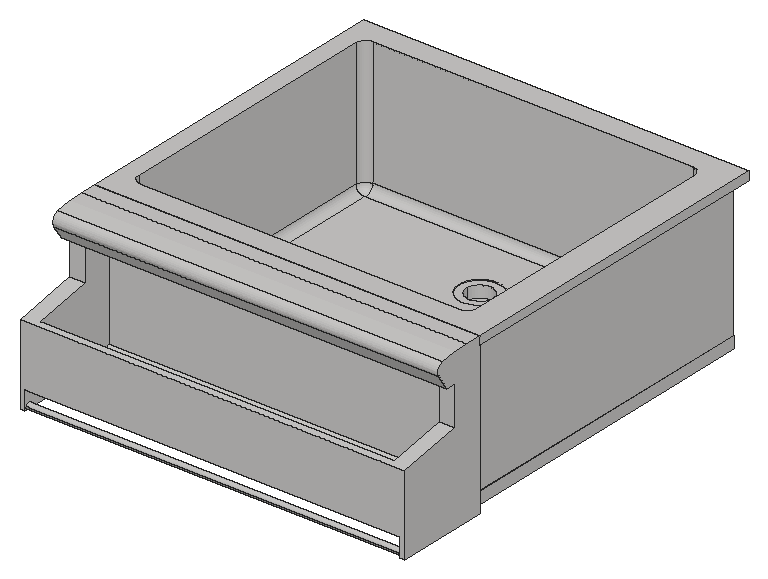
Revit family "DCS_Revit_18_BC1-25AC_Bottle_Holder_90000795A", category Specialty Equipment, Revit 2018
Family settings
  Round Connector Dimension = Use Diameter
  Part Type = Normal
  OmniClass Number = 23.40.40.14.24.11
  OmniClass Title = Bar Equipment
  Work Plane-Based = No
  Always vertical = Yes
  Cut with Voids When Loaded = Yes
  Shared = No
  Room Calculation Point = No
Parameters (values of type "Bottle Holder with BC25 Beverage Chiller (without cover)")
  Visibility - Cover = no
  Visibility - Clearance Required = yes
  Visibility - BC25 Beverage Chiller = yes
  URL = "www.dcsappliances.com"
  Product - Width = 670 mm  # constant formula
  Product - Height = 306 mm  # constant formula
  Product - Depth = 710 mm  # constant formula
  Model = "BC1-25AC"
  Material - Body = DCS - Stainless Steel
  Manufacturer = "Fisher & Paykel"
  Description = "Series 9, Beverage Chiller Bottle Holder Accessory"
  Connector Description - Sanitary = "1-1/2” NPS male thread"
  Cavity - Width = 615 mm  # constant formula
  Cavity - Height = 250 mm  # constant formula
  Cavity - Depth = 535 mm  # constant formula
Types (4, lengths in mm): name | Visibility - Cover | Visibility - BC25 Beverage Chiller | Connector Description - Sanitary
  (no name) | no | yes | "1-1/2” NPS male thread"
  Bottle Holder | no | no | ""
  Bottle Holder with BC25 Beverage Chiller (without cover) | no | yes | "1-1/2” NPS male thread"
  Bottle Holder with BC25 Beverage Chiller | yes | yes | ""
Reference planes
  plane 1 "Center (Front/Back)": y = 0
  plane 2: z = 0
  plane 3 "Center (Left/Right)": x = 0
  plane 4 "Cavity - Height": z = -250
  plane 5 "Product - Height": z = 57
  plane 6 "Product LHS": x = -335
  plane 7 "Product RHS": x = 335
  plane 8 "Product Rear": y = 278.5
  plane 9 "Product Front": y = -431.5
  plane 10 "Cavity Front": y = -267.5
  plane 11 "Cavity Rear": y = 267.5
  plane 12 "Cavity LHS": x = -307.5
  plane 13 "Cavity RHS": x = 307.5
Forms (mm)
  Sweep 1, void
    path origin (0, 120.5, 0) x (1, 0, 0) y (0, 0, 1)
      loop
        line (0, -249) -> (0, -394)
        arc (0, -394) -> (45, -439) -> (90, -394) r 45
        line (90, -394) -> (90, -354)
        arc (90, -354) -> (103.18, -322.18) -> (135, -309) r 45
        line (135, -309) -> (175, -309)
    profile origin (0, 120.5, -321.5) x (0, -1, 0) y (1, 0, 0)
      loop
        circle (0, 0) r 25
  Extrusion 2, void
    sketch origin (0, 0, 0) x (1, 0, 0) y (0, 1, 0)
      loop
        line (-307.5, -267.5) -> (307.5, -267.5) -> (307.5, 267.5) -> (-307.5, 267.5) -> (-307.5, -267.5)
    from -250 to 0
Text (mm)
  text "Due to ongoing product development, product details are subject to change without notice. \nPlease always refer to https://www.dcsappliances.com for the most current product information. \n© DCS by Fisher & Paykel Appliances Ltd 2020" at (41.04, -702.724, 0), in view "Ref. Level (Plan)"
Dimensions and locks
  equal spacing: plane 6 "Product LHS", plane 3 "Center (Left/Right)", plane 7 "Product RHS"
  "Product - Width": plane 6 "Product LHS" to plane 7 "Product RHS"
  equal spacing: plane 10 "Cavity Front", plane 1 "Center (Front/Back)", plane 11 "Cavity Rear"
  "Cavity - Depth": plane 10 "Cavity Front" to plane 11 "Cavity Rear"
  equal spacing: plane 12 "Cavity LHS", plane 3 "Center (Left/Right)", plane 13 "Cavity RHS"
  "Cavity - Width": plane 12 "Cavity LHS" to plane 13 "Cavity RHS"
  "Cavity - Height": level to plane 4 "Cavity - Height"
  locked: plane 8 "Product Rear" to plane 1 "Center (Front/Back)" at 278.5
  "Product - Depth": plane 8 "Product Rear" to plane 9 "Product Front"
  aligned and locked: level to plane 2
Automatic sketch dimensions
  Sweep 1 sketch curve to plane 3 "Center (Left/Right)" = 0 mm
  Sweep 1 sketch curve to Sweep 1 sketch curve = 45 mm  (x2)
  Sweep 1 sketch curve to plane 4 "Cavity - Height" = 144 mm
  Sweep 1 sketch curve to Sweep 1 sketch curve = 40 mm  (x2)
  plane 4 "Cavity - Height" to Sweep 1 sketch curve = 1 mm
  Sweep 1 sketch curve to profile plane = 0 mm
  profile plane to Sweep 1 sketch curve = 0 mm
  Extrusion 2 sketch curve to plane 11 "Cavity Rear" = 0 mm
  Extrusion 2 sketch curve to plane 12 "Cavity LHS" = 0 mm
  Extrusion 2 sketch curve to plane 13 "Cavity RHS" = 0 mm
  Extrusion 2 sketch curve to plane 10 "Cavity Front" = 0 mm
  radius of Sweep 1 sketch curve = 25 mm
Nested families
  nested 1: "DCS_Bottle_Holder_Series_9" at (0, -277.5, 0), type "DCS_Bottle_Holder_Series_9"
  nested 2: "DCS_Beverage_Chiller" at (0, 0, 0), visible <- "Visibility - BC25 Beverage Chiller", type "DCS_Beverage_Chiller"
  nested 3: "DCS_Cover_Beverage_Chiller" at (0, 0, 0), visible <- "Visibility - Cover", type "DCS_Cover_Beverage_Chiller"
Connectors
  piping at (175, 120.5, -309), diameter 51
    settings: on Sweep 1, index 1, connector inside diameter 609.6 mm, connector length 0 mm, flow factor 0, pipe flow 0.0 L/s, pressure drop 0.0 Pa, fitting loss kfactor 0, connector angle 0.00°, fixture units 0, engagement length 0 mm, angle of deflection 0.00°, flow configuration 0, flow direction 2, fitting loss method 0, system type 16, joint type 0, gender type 0, connector reference index -1, connector utility 0, adjustable connector no, is connector primary yes, connector description ""
Definition of nested family "DCS_Bottle_Holder_Series_9"
  Parameters (values of type "DCS_Bottle_Holder_Series_9")
    URL = "www.dcsappliances.com"
    Product - Width = 636 mm  # constant formula
    Product - Height = 264 mm  # constant formula
    Product - Depth = 154 mm  # constant formula
    Material - Body = none
    Manufacturer = "Fisher & Paykel Appliances"
  Reference planes
    plane 1 "Center (Front/Back)": y = 0
    plane 2: z = 0
    plane 3 "Center (Left/Right)": x = 0
    plane 4 "Product - Height": z = -250
    plane 5 "Product LHS": x = -318
    plane 6 "Product RHS": x = 318
    plane 7 "Product - Front": y = -154
  Forms (mm)
    Extrusion 1, solid, material <- "Material - Body"
      sketch origin (0, 0, 0) x (0, 1, 0) y (0, 0, 1)
        loop
          line (-154.029, -249.9) -> (0, -249.9) -> (0, 14) -> (-26.777, 14)
          arc (-26.777, 14) -> (-51.65, 12.696) -> (-76.251, 8.799) r 237.926
          arc (-76.251, 8.799) -> (-85.536, 1.162) -> (-84.225, -10.789) r 12.634
          line (-84.225, -10.789) -> (-67.35, -35.2) -> (-51.3, -35.2) -> (-51.3, -99.945) -> (-154.029, -118.059) -> (-154.029, -249.9)
      from -318 to 318
    Extrusion 2, void
      sketch origin (0, 0, 0) x (0, 1, 0) y (0, 0, 1)
        loop
          line (-51.3, -35.4) -> (-51.3, -99.945) -> (-144.264, -116.337) -> (-144.264, -216.318) -> (-112.418, -210.7)
          arc (-112.418, -210.7) -> (-102.11, -212.331) -> (-94.992, -219.963) r 16.027
          line (-94.992, -219.963) -> (-82.451, -248.192) -> (-1.968, -212.437) -> (-1.968, -35.4) -> (-51.3, -35.4)
      from -292.6 to 292.6
    Extrusion 3, void
      sketch origin (0, 0, 0) x (0, 1, 0) y (0, 0, 1)
        loop
          line (-111.507, -211.66) -> (-154.029, -219.157) -> (-154.029, -249.9) -> (-82.864, -249.9) -> (-96.286, -219.753)
          arc (-96.286, -219.753) -> (-102.503, -213.086) -> (-111.507, -211.66) r 14
        loop
          circle (-148.04, -244.766) r 4.75
      from -310 to 310
  Cuts and joins
    Extrusion 2, Extrusion 3 cuts Extrusion 1
  Text (mm)
    text "Due to ongoing product development, product details are subject to change without notice. \nPlease always refer to www.fisherpaykel.com for the most current product information. \n© Fisher & Paykel 2020" at (40.64, -602.409, 0), in view "Ref. Level (Plan)"
  Dimensions and locks
    equal spacing: plane 5 "Product LHS", plane 3 "Center (Left/Right)", plane 6 "Product RHS"
    "Product - Width": plane 5 "Product LHS" to plane 6 "Product RHS"
    "Product - Depth": plane 7 "Product - Front" to plane 1 "Center (Front/Back)"
    aligned and locked: level to plane 2
    aligned and locked: plane 5 "Product LHS" to Extrusion 1
    aligned and locked: Extrusion 1 to plane 6 "Product RHS"
  Automatic sketch dimensions
    plane 4 "Product - Height" to Extrusion 1 sketch curve = 0.1 mm
    Extrusion 1 sketch curve to plane 1 "Center (Front/Back)" = 0 mm
    plane 1 "Center (Front/Back)" to Extrusion 1 sketch curve = 26.777 mm
    plane 1 "Center (Front/Back)" to Extrusion 1 sketch curve = 51.3 mm
    Extrusion 1 sketch curve to Extrusion 1 sketch curve = 16.05 mm
    Extrusion 1 sketch curve to level = 3.601 mm
    Extrusion 1 sketch curve to Extrusion 1 sketch curve = 6.484 mm
    Extrusion 1 sketch curve to level = 10.789 mm
    Extrusion 1 sketch curve to Extrusion 1 sketch curve = 10.39 mm
    plane 4 "Product - Height" to Extrusion 1 sketch curve = 26.074 mm
    Extrusion 1 sketch curve to Extrusion 1 sketch curve = 89.156 mm
    Extrusion 1 sketch curve to level = 35.2 mm
    level to Extrusion 1 sketch curve = 14 mm
    Extrusion 1 sketch curve to Extrusion 1 sketch curve = 18.114 mm
    Extrusion 1 sketch curve to Extrusion 1 sketch curve = 102.729 mm
    plane 7 "Product - Front" to Extrusion 3 sketch curve = 0.029 mm
    Extrusion 3 sketch curve to plane 7 "Product - Front" = 42.493 mm
    Extrusion 3 sketch curve to Extrusion 3 sketch curve = 2.431 mm
    plane 4 "Product - Height" to Extrusion 3 sketch curve = 30.247 mm
    Extrusion 3 sketch curve to Extrusion 3 sketch curve = 12.79 mm
    plane 4 "Product - Height" to Extrusion 3 sketch curve = 0.1 mm
    Extrusion 3 sketch curve to Extrusion 3 sketch curve = 13.423 mm
    plane 4 "Product - Height" to Extrusion 3 sketch curve = 5.234 mm
    Extrusion 3 sketch curve to Extrusion 3 sketch curve = 5.694 mm
    Extrusion 3 sketch curve to Extrusion 3 sketch curve = 25.608 mm
    Extrusion 3 sketch curve to plane 7 "Product - Front" = 5.96 mm
    Extrusion 2 sketch curve to plane 7 "Product - Front" = 9.736 mm
    Extrusion 2 sketch curve to Extrusion 2 sketch curve = 31.846 mm
    Extrusion 2 sketch curve to Extrusion 2 sketch curve = 2.785 mm
    Extrusion 2 sketch curve to Extrusion 2 sketch curve = 14.641 mm
    plane 4 "Product - Height" to Extrusion 2 sketch curve = 1.808 mm
    Extrusion 2 sketch curve to Extrusion 2 sketch curve = 12.541 mm
    plane 1 "Center (Front/Back)" to Extrusion 2 sketch curve = 51.3 mm
    plane 1 "Center (Front/Back)" to Extrusion 2 sketch curve = 1.968 mm
    plane 4 "Product - Height" to Extrusion 2 sketch curve = 23.517 mm
    Extrusion 2 sketch curve to Extrusion 2 sketch curve = 6.52 mm
    Extrusion 2 sketch curve to Extrusion 2 sketch curve = 5.618 mm
    Extrusion 2 sketch curve to Extrusion 2 sketch curve = 94.363 mm
    Extrusion 2 sketch curve to Extrusion 2 sketch curve = 16.392 mm
    Extrusion 2 sketch curve to level = 35.4 mm
    radius of Extrusion 3 sketch curve = 4.75 mm
Definition of nested family "DCS_Beverage_Chiller"
  Parameters (values of type "DCS_Beverage_Chiller")
    Visibility - Clearance Required = yes
    URL = "www.dcsappliances.com"
    Product - Width = 670 mm  # constant formula
    Product - Height = 306 mm  # constant formula
    Product - Depth = 557 mm  # constant formula
    Model = "BC25"
    Material - Body = none
    Manufacturer = "Fisher & Paykel"
    Description = "BC25 Bottle Chiller"
    Chassis - Width = 608 mm  # constant formula
    Chassis - Height = 249 mm  # constant formula
    Chassis - Depth = 529 mm  # constant formula
    Cavity - Width = 615 mm  # constant formula
    Cavity - Height = 250 mm  # constant formula
    Cavity - Depth = 535 mm  # constant formula
  Reference planes
    plane 1 "Center (Front/Back)": y = 0
    plane 2: z = 0
    plane 3 "Center (Left/Right)": x = 0
    plane 4 "Cavity - Height": z = -250
    plane 5 "Product - Height": z = 57
    plane 6 "Product LHS": x = -335
    plane 7 "Product RHS": x = 335
    plane 8 "Product Rear": y = 278.5
    plane 9 "Product Front": y = -278.5
    plane 10 "Cavity Front": y = -267.5
    plane 11 "Cavity Rear": y = 267.5
    plane 12 "Cavity LHS": x = -307.5
    plane 13 "Cavity RHS": x = 307.5
  Forms (mm)
    Extrusion 1, solid, material <- "Material - Body"
      sketch origin (0, 0, 0) x (1, 0, 0) y (0, 1, 0)
        loop
          line (-304, 264.5) -> (-304, -264.5) -> (304, -264.5) -> (304, 264.5) -> (-304, 264.5)
      from -249 to -229
    Extrusion 2, solid, material <- "Material - Body"
      sketch origin (0, 0, 0) x (1, 0, 0) y (0, 1, 0)
        loop
          arc (-272.527, 240.45) -> (-283.841, 235.764) -> (-288.527, 224.45) r 16
          line (-288.527, 224.45) -> (-288.527, -224.25)
          arc (-288.527, -224.25) -> (-283.841, -235.564) -> (-272.527, -240.25) r 16
          line (-272.527, -240.25) -> (255.473, -240.25)
          arc (255.473, -240.25) -> (266.786, -235.564) -> (271.473, -224.25) r 16
          line (271.473, -224.25) -> (271.473, 224.45)
          arc (271.473, 224.45) -> (266.786, 235.764) -> (255.473, 240.45) r 16
          line (255.473, 240.45) -> (-272.527, 240.45)
        loop
          line (-303, 264.05) -> (-303, -263.95) -> (303, -263.95) -> (303, 264.05) -> (-303, 264.05)
      from -209.2 to 14
    Extrusion 3, solid, material <- "Material - Body"
      sketch origin (0, 0, 0) x (1, 0, 0) y (0, 1, 0)
        loop
          line (-303, 264.05) -> (-303, -263.95) -> (303, -263.95) -> (303, 264.05) -> (-303, 264.05)
      from -229 to -209.2
    Extrusion 4, solid, material <- "Material - Body"
      sketch origin (0, 0, 0) x (1, 0, 0) y (0, 1, 0)
        loop
          line (318, -277.5) -> (318, 277.5) -> (-318, 277.5) -> (-318, -277.5) -> (318, -277.5)
        loop
          line (-303, 259.55) -> (-303, -263.95) -> (303, -263.95) -> (303, 259.55) -> (-303, 259.55)
      from 0 to 14
    Sweep 5, solid, material <- "Material - Body"
      path in 3D
        loop
          arc (-272.527, 240.45, -209.2) -> (-283.841, 235.764, -209.2) -> (-288.527, 224.45, -209.2) r 16
          line (-288.527, 224.45, -209.2) -> (-288.527, -224.25, -209.2)
          arc (-288.527, -224.25, -209.2) -> (-283.841, -235.564, -209.2) -> (-272.527, -240.25, -209.2) r 16
          line (-272.527, -240.25, -209.2) -> (255.473, -240.25, -209.2)
          arc (255.473, -240.25, -209.2) -> (266.786, -235.564, -209.2) -> (271.473, -224.25, -209.2) r 16
          line (271.473, -224.25, -209.2) -> (271.473, 224.45, -209.2)
          arc (271.473, 224.45, -209.2) -> (266.786, 235.764, -209.2) -> (255.473, 240.45, -209.2) r 16
          line (255.473, 240.45, -209.2) -> (-272.527, 240.45, -209.2)
      profile origin (-8.527, 240.45, -209.2) x (0, 1, 0) y (0, 0, -1)
        loop
          line (0, 0) -> (-14, 0)
          arc (-14, 0) -> (-4.101, -4.101) -> (0, -14) r 14
          line (0, -14) -> (0, 0)
    Extrusion 6, void
      sketch origin (0, 0, 0) x (1, 0, 0) y (0, 1, 0)
        loop
          circle (0, 120.5) r 22.1
      from -249 to -195.2
    Extrusion 7, solid
      sketch origin (0, 0, 0) x (1, 0, 0) y (0, 1, 0)
        loop
          circle (0, 120.5) r 22.1
        loop
          circle (0, 120.5) r 23.2
      from -274 to -249
    Extrusion 8, void
      sketch origin (0, 0, 0) x (1, 0, 0) y (0, 1, 0)
        loop
          circle (0, 120.5) r 35
      from -210 to -209.2
    Sweep 9, solid, detail levels coarse
      path origin (0, 120.5, 0) x (1, 0, 0) y (0, 0, 1)
        loop
          line (0, -249) -> (0, -394)
          arc (0, -394) -> (45, -439) -> (90, -394) r 45
          line (90, -394) -> (90, -354)
          arc (90, -354) -> (103.18, -322.18) -> (135, -309) r 45
          line (135, -309) -> (175, -309)
      profile origin (0, 120.5, -321.5) x (0, -1, 0) y (1, 0, 0)
        loop
          circle (0, 0) r 25
    Extrusion 10, solid, detail levels coarse
      sketch origin (0, 0, 0) x (1, 0, 0) y (0, 1, 0)
        loop
          line (-307.5, -267.5) -> (307.5, -267.5) -> (307.5, 267.5) -> (-307.5, 267.5) -> (-307.5, -267.5)
      from -250 to 0
  Cuts and joins
    Extrusion 6 cuts Extrusion 2
    Extrusion 6, Extrusion 8 cuts Extrusion 3
    joined: Extrusion 2, Extrusion 3, Extrusion 4, Sweep 5
  Lines and regions (mm)
    sketch lines
      curve 1: line (255.473, 240.45, -209.2) -> (-272.527, 240.45, -209.2)
      curve 2: arc (-288.527, 224.45, -209.2) -> (-283.841, 235.764, -209.2) -> (-272.527, 240.45, -209.2) r 16
      curve 3: line (-288.527, 224.45, -209.2) -> (-288.527, -224.25, -209.2)
      curve 4: arc (-272.527, -240.25, -209.2) -> (-283.841, -235.564, -209.2) -> (-288.527, -224.25, -209.2) r 16
      curve 5: line (-272.527, -240.25, -209.2) -> (255.473, -240.25, -209.2)
      curve 6: arc (271.473, -224.25, -209.2) -> (266.786, -235.564, -209.2) -> (255.473, -240.25, -209.2) r 16
      curve 7: line (271.473, -224.25, -209.2) -> (271.473, 224.45, -209.2)
      curve 8: arc (255.473, 240.45, -209.2) -> (266.786, 235.764, -209.2) -> (271.473, 224.45, -209.2) r 16
  Text (mm)
    text "Due to ongoing product development, product details are subject to change without notice. \nPlease always refer to https://www.dcsappliances.com for the most current product information. \n© DCS by Fisher & Paykel Appliances Ltd 2020" at (41.04, -702.724, 0), in view "Ref. Level (Plan)"
  Dimensions and locks
    equal spacing: plane 6 "Product LHS", plane 3 "Center (Left/Right)", plane 7 "Product RHS"
    "Product - Width": plane 6 "Product LHS" to plane 7 "Product RHS"
    equal spacing: cut or joined group of Extrusion 2, Extrusion 3, Extrusion 4, Sweep 5, Extrusion 6, Extrusion 8, plane 1 "Center (Front/Back)", cut or joined group of Extrusion 2, Extrusion 3, Extrusion 4, Sweep 5, Extrusion 6, Extrusion 8
    equal spacing: Extrusion 1, plane 1 "Center (Front/Back)", Extrusion 1
    equal spacing: cut or joined group of Extrusion 2, Extrusion 3, Extrusion 4, Sweep 5, Extrusion 6, Extrusion 8, plane 3 "Center (Left/Right)", cut or joined group of Extrusion 2, Extrusion 3, Extrusion 4, Sweep 5, Extrusion 6, Extrusion 8
    equal spacing: Extrusion 1, plane 3 "Center (Left/Right)", Extrusion 1
    equal spacing: plane 10 "Cavity Front", plane 1 "Center (Front/Back)", plane 11 "Cavity Rear"
    "Cavity - Depth": plane 10 "Cavity Front" to plane 11 "Cavity Rear"
    equal spacing: plane 12 "Cavity LHS", plane 3 "Center (Left/Right)", plane 13 "Cavity RHS"
    "Cavity - Width": plane 12 "Cavity LHS" to plane 13 "Cavity RHS"
    equal spacing: plane 8 "Product Rear", plane 1 "Center (Front/Back)", plane 9 "Product Front"
    "Product - Depth": plane 8 "Product Rear" to plane 9 "Product Front"
    "Cavity - Height": level to plane 4 "Cavity - Height"
    "Chassis - Height": level to Extrusion 1
    "Chassis - Width": Extrusion 1 to Extrusion 1
    "Chassis - Depth": Extrusion 1 to Extrusion 1
    Extrusion 4 sketch curve to Extrusion 4 sketch curve = 555 mm
    Extrusion 7 to plane 5 "Product - Height" = 331 mm
    "Product - Height": Extrusion 1 to plane 5 "Product - Height"
    cut or joined group of Extrusion 2, Extrusion 3, Extrusion 4, Sweep 5, Extrusion 6, Extrusion 8 to cut or joined group of Extrusion 2, Extrusion 3, Extrusion 4, Sweep 5, Extrusion 6, Extrusion 8 = 636 mm
    aligned and locked: level to plane 2
    aligned and locked: plane 10 "Cavity Front" to Extrusion 10 sketch curve
    aligned and locked: Extrusion 10 sketch curve to plane 12 "Cavity LHS"
    aligned and locked: Extrusion 10 sketch curve to plane 11 "Cavity Rear"
    aligned and locked: plane 13 "Cavity RHS" to Extrusion 10 sketch curve
    aligned and locked: level to Extrusion 10
  Automatic sketch dimensions
    plane 12 "Cavity LHS" to Extrusion 1 sketch curve = 3.5 mm
    Extrusion 1 sketch curve to plane 13 "Cavity RHS" = 3.5 mm
    Extrusion 1 sketch curve to plane 10 "Cavity Front" = 3 mm
    plane 11 "Cavity Rear" to Extrusion 1 sketch curve = 3 mm
    plane 12 "Cavity LHS" to Extrusion 2 sketch curve = 4.5 mm
    plane 12 "Cavity LHS" to Extrusion 2 sketch curve = 18.973 mm
    Extrusion 2 sketch curve to Extrusion 2 sketch curve = 16 mm  (x3)
    Extrusion 2 sketch curve to plane 13 "Cavity RHS" = 52.027 mm  (x2)
    Extrusion 2 sketch curve to plane 10 "Cavity Front" = 27.25 mm
    Extrusion 2 sketch curve to plane 13 "Cavity RHS" = 4.5 mm
    Extrusion 2 sketch curve to plane 10 "Cavity Front" = 3.55 mm
    plane 11 "Cavity Rear" to Extrusion 2 sketch curve = 43.05 mm
    plane 11 "Cavity Rear" to Extrusion 2 sketch curve = 3.45 mm
    plane 12 "Cavity LHS" to Extrusion 3 sketch curve = 4.5 mm
    Extrusion 3 sketch curve to plane 13 "Cavity RHS" = 4.5 mm
    Extrusion 3 sketch curve to plane 10 "Cavity Front" = 3.55 mm
    plane 11 "Cavity Rear" to Extrusion 3 sketch curve = 3.45 mm
    plane 9 "Product Front" to Extrusion 4 sketch curve = 1 mm
    Extrusion 4 sketch curve to plane 12 "Cavity LHS" = 10.5 mm
    plane 12 "Cavity LHS" to Extrusion 4 sketch curve = 4.5 mm
    Extrusion 4 sketch curve to plane 13 "Cavity RHS" = 4.5 mm
    plane 13 "Cavity RHS" to Extrusion 4 sketch curve = 10.5 mm
    Extrusion 4 sketch curve to plane 10 "Cavity Front" = 3.55 mm
    plane 11 "Cavity Rear" to Extrusion 4 sketch curve = 7.95 mm
    profile plane to Sweep 5 sketch curve = 0 mm
    Sweep 5 sketch curve to profile plane = 0 mm
    profile plane to Sweep 5 sketch curve = 14 mm
    Extrusion 6 sketch curve to plane 3 "Center (Left/Right)" = 0 mm
    Extrusion 6 sketch curve to plane 1 "Center (Front/Back)" = 120.5 mm
    Extrusion 7 sketch curve to Extrusion 7 sketch curve = 0 mm  (x2)
    Extrusion 7 sketch curve to plane 3 "Center (Left/Right)" = 0 mm
    Extrusion 7 sketch curve to plane 1 "Center (Front/Back)" = 120.5 mm
    Extrusion 8 sketch curve to plane 3 "Center (Left/Right)" = 0 mm
    Extrusion 8 sketch curve to plane 1 "Center (Front/Back)" = 120.5 mm
    Sweep 9 sketch curve to plane 3 "Center (Left/Right)" = 0 mm
    Sweep 9 sketch curve to Sweep 9 sketch curve = 45 mm  (x2)
    Sweep 9 sketch curve to plane 4 "Cavity - Height" = 144 mm
    Sweep 9 sketch curve to Sweep 9 sketch curve = 40 mm  (x2)
    plane 4 "Cavity - Height" to Sweep 9 sketch curve = 1 mm
    Sweep 9 sketch curve to profile plane = 0 mm
    profile plane to Sweep 9 sketch curve = 0 mm
    radius of Extrusion 6 sketch curve = 22.1 mm
    radius of Extrusion 7 sketch curve = 22.1 mm
    radius of Extrusion 7 sketch curve = 23.2 mm
    radius of Extrusion 8 sketch curve = 35 mm
    radius of Sweep 9 sketch curve = 25 mm
Definition of nested family "DCS_Cover_Beverage_Chiller"
  Parameters (values of type "DCS_Cover_Beverage_Chiller")
    URL = "www.dcsappliances.com"
    Product - Width = 670 mm  # constant formula
    Product - Height = 306 mm  # constant formula
    Product - Depth = 557 mm  # constant formula
    Model = "BC25"
    Material - Body = none
    Manufacturer = "Fisher & Paykel"
    Description = "BC25 Bottle Chiller"
  Reference planes
    plane 1 "Center (Front/Back)": y = 0
    plane 2: z = 0
    plane 3 "Center (Left/Right)": x = 0
    plane 4 "Product - Height": z = 57
    plane 5 "Product LHS": x = -335
    plane 6 "Product RHS": x = 335
    plane 7 "Product Rear": y = 278.5
    plane 8 "Product Front": y = -278.5
  Forms (mm)
    Extrusion 1, solid, material <- "Material - Body"
      sketch origin (0, 0, 0) x (1, 0, 0) y (0, 0, 1)
        loop
          line (-335, 57) -> (-335, 36.354) -> (-323.46, 36.354) -> (-323.46, 8.11) -> (-319.764, 8.11) -> (-319.764, 23.11) -> (319.764, 23.11) -> (319.764, 8.11) -> (323.46, 8.11) -> (323.46, 36.354) -> (335, 36.354) -> (335, 57) -> (-335, 57)
      from -278.5 to 278.5
    Extrusion 2, solid, material <- "Material - Body"
      sketch origin (0, 0, 0) x (1, 0, 0) y (0, 1, 0)
        loop
          line (-319.764, 277.496) -> (319.764, 277.496) -> (319.764, 278.5) -> (-319.764, 278.5) -> (-319.764, 277.496)
        loop
          line (-319.764, -277.496) -> (-319.764, -278.5) -> (319.764, -278.5) -> (319.764, -277.496) -> (-319.764, -277.496)
      from 8.11 to 23.11
  Cuts and joins
    joined: Extrusion 1, Extrusion 2
  Text (mm)
    text "Due to ongoing product development, product details are subject to change without notice. \nPlease always refer to https://www.dcsappliances.com for the most current product information. \n© DCS by Fisher & Paykel Appliances Ltd 2020" at (41.04, -702.724, 0), in view "Ref. Level (Plan)"
  Dimensions and locks
    equal spacing: plane 5 "Product LHS", plane 3 "Center (Left/Right)", plane 6 "Product RHS"
    "Product - Width": plane 5 "Product LHS" to plane 6 "Product RHS"
    equal spacing: plane 7 "Product Rear", plane 1 "Center (Front/Back)", plane 8 "Product Front"
    "Product - Depth": plane 7 "Product Rear" to plane 8 "Product Front"
    aligned and locked: level to plane 2
    aligned and locked: Extrusion 1 sketch curve to plane 6 "Product RHS"
    aligned and locked: plane 7 "Product Rear" to cut or joined group of Extrusion 1, Extrusion 2
    aligned and locked: plane 8 "Product Front" to cut or joined group of Extrusion 1, Extrusion 2
    aligned and locked: plane 7 "Product Rear" to Extrusion 2 sketch curve
    aligned and locked: Extrusion 2 to cut or joined group of Extrusion 1, Extrusion 2  (x5)
    aligned and locked: cut or joined group of Extrusion 1, Extrusion 2 to Extrusion 2
    aligned and locked: plane 4 "Product - Height" to cut or joined group of Extrusion 1, Extrusion 2
  Automatic sketch dimensions
    plane 5 "Product LHS" to Extrusion 1 sketch curve = 0 mm
    Extrusion 1 sketch curve to plane 5 "Product LHS" = 11.54 mm
    Extrusion 1 sketch curve to Extrusion 1 sketch curve = 3.696 mm  (x2)
    level to Extrusion 1 sketch curve = 8.11 mm  (x2)
    Extrusion 1 sketch curve to Extrusion 1 sketch curve = 15 mm
    Extrusion 1 sketch curve to Extrusion 1 sketch curve = 13.244 mm  (x2)
    Extrusion 1 sketch curve to Extrusion 1 sketch curve = 20.646 mm
    Extrusion 2 sketch curve to plane 8 "Product Front" = 0 mm
    Extrusion 2 sketch curve to plane 7 "Product Rear" = 1.004 mm
    plane 8 "Product Front" to Extrusion 2 sketch curve = 1.004 mm
    Extrusion 2 sketch curve to plane 5 "Product LHS" = 15.236 mm  (x2)
    plane 6 "Product RHS" to Extrusion 1 sketch curve = 15.236 mm
    plane 6 "Product RHS" to Extrusion 2 sketch curve = 15.236 mm  (x2)
